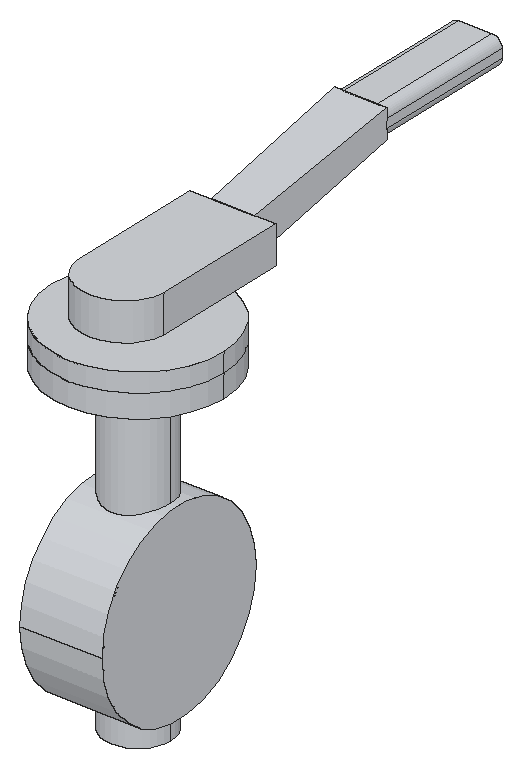
Revit family "HS497-67_disk-litina-s pákou DN050-RFA_2019", category Pipe Accessories, Revit 2019
Family settings
  Round Connector Dimension = Use Diameter
  Part Type = Valve - Breaks Into
  Work Plane-Based = No
  Always vertical = Yes
  Cut with Voids When Loaded = No
  Shared = No
Parameters (values of type "HS 497-67_DN050_PN16_s pákou")
  magiProductId = "dabc632061f94877a994b9b4e68112"
  magiProductFamilyId = "53cea81e6f374d17b8841d9c72ad77"
  magiPartTypeId = 305
  isMeasuringValve [instance] = no
  ang2D [instance] = 0.00°
  X11 = 61.456 mm
  X1 = 25.456 mm
  W2D = 1000 mm
  VersionID = "2.0/2017.9.26.1/ZETKAMA_497_001"
  Use Minimum Symbol Size [instance] = yes
  URL = "http://www.hydronix.cz"
  Type Comments = "mezipřírubová; litinový disk; PN16; -10~+110°C (krátkodobě +120°C)"
  SW30 = no
  SW3 = no
  SW21 = no
  SW20 = yes
  SW2 = yes
  SW1 = no
  R = 25 mm
  QmdConnectorList = "301;D;302;D"
  Productdata [instance] = ""
  NC = 50 mm
  Model = ""
  Manufacturer = "Hydronix"  # constant formula
  MM20 = 25.456 mm
  MC Product Code = "120 050 (litinový disk, s pákou; DN50; PN16, kvs98)"
  M41 = 66 mm
  M4 = 44 mm
  LHL = 220 mm
  LHH3 = 2.45 mm
  LHH1 = 46.55 mm
  LH1 = 73.333 mm
  L4R__ve = -L4R  # -12.8 mm
  L4R = 12.8 mm
  L42__ve = -L42  # -96 mm
  L42 = 96 mm
  L41__ve = -L41  # -19.2 mm
  L41 = 19.2 mm
  L2D_Min = 3048 mm
  L2D = 216 mm
  L2 = 21.5 mm
  L1 = 34.4 mm
  L = 43 mm
  H = 30 mm
  G22 = 11.25 mm
  G2 = 22.5 mm
  G1 = 90 mm
  G = 90 mm
  F = 11 mm
  E44 = 31.25 mm
  E42 = 62.5 mm
  E4 = 125 mm
  E23 = 4.9 mm
  E22 = 19.6 mm
  E21 = 9.8 mm
  Description = "Mezipřírubová uzavírací klapka s pákou; litinový disk, DN50; PN16; kvs98"
  DR2 = 25 mm
  DR = 100 mm
  DD1 = 15.625 mm
  DD = 12.5 mm
  D = 50 mm
  CAT0 = yes
  B2__ve = -B2  # -36.5 mm
  B2 = 36.5 mm
  A2 = 12 mm
  A1 = 83 mm
Types (43, lengths in mm): name | magiProductId | X11 | X1 | Type Comments | SW30 | SW3 | SW20 | SW2 | SW1 | R | NC | MM20 | MC Product Code | M41 | M4 | LHL | LHH3 | LHH1 | LH1 | L4R__ve | L4R | L42__ve | L42 | L41__ve | L41 | L2 | L1 | L | H | G | F | E44 | E42 | E4 | E23 | E22 | E21 | Description | DR2 | DR | DD1 | DD | D | B2__ve | B2 | A2 | A1
  HS 497-67_DN100_PN16_volné vřeteno | "65d1b245f4f142c78569c0602d5754" | 61.456 | 25.456 | "mezipřírubová; litinový disk; PN16; -10~+110°C (krátkodobě +120°C)" | no | no | no | no | yes | 50 | 50 | 25.456 | "123 100 (litinový disk, s volným vřetenem; DN100; PN16, kvs512)" | 66 | 44 | 220 | 2.45 | 46.55 | 73.333 | -12.8 | 12.8 | -96 | 96 | -19.2 | 19.2 | 26 | 41.6 | 52 | 30 | 90 | 11 | 31.25 | 62.5 | 125 | 4.9 | 19.6 | 9.8 | "Mezipřírubová uzavírací klapka s volným vřetenem; litinový disk, DN100; PN16; kvs512" | 50 | 147 | 15.625 | 12.5 | 100 | -56 | 56 | 16.5 | 98.5
  HS 497-67_DN100_PN16_převodové kolo | "11e91b807e674d428c8e796fcdcfe2" | 61.456 | 25.456 | "mezipřírubová; litinový disk; PN16; -10~+110°C (krátkodobě +120°C)" | yes | yes | no | no | no | 50 | 50 | 25.456 | "125 100 (litinový disk, s převodovým kolem; DN100; PN16, kvs512)" | 65.25 | 43.5 | 220 | 2.45 | 46.55 | 73.333 | -12.8 | 12.8 | -96 | 96 | -19.2 | 19.2 | 26 | 41.6 | 52 | 30 | 90 | 11 | 31.25 | 62.5 | 125 | 4.9 | 19.6 | 9.8 | "Mezipřírubová uzavírací klapka s převodovým kolem; litinový disk, DN100; PN16; kvs512" | 50 | 147 | 15.625 | 12.5 | 100 | -56 | 56 | 16.5 | 98.5
  HS 497-67_DN100_PN16_s pákou | "28172f0b3f4b47b28323ac71cf8749" | 61.456 | 25.456 | "mezipřírubová; litinový disk; PN16; -10~+110°C (krátkodobě +120°C)" | no | no | yes | yes | no | 50 | 50 | 25.456 | "120 100 (litinový disk, s pákou; DN100; PN16, kvs512)" | 66 | 44 | 260 | 3 | 57 | 86.667 | -12.8 | 12.8 | -96 | 96 | -19.2 | 19.2 | 26 | 41.6 | 52 | 30 | 90 | 11 | 31.25 | 62.5 | 125 | 6 | 24 | 12 | "Mezipřírubová uzavírací klapka s pákou; litinový disk, DN100; PN16; kvs512" | 50 | 147 | 15.625 | 12.5 | 100 | -56 | 56 | 16.5 | 98.5
  HS 497-67_DN125_PN16_volné vřeteno | "0d813d910fc14f628bb3c2efbd185c" | 61.456 | 25.456 | "mezipřírubová; litinový disk; PN16; -10~+110°C (krátkodobě +120°C)" | no | no | no | no | yes | 62.5 | 50 | 25.456 | "123 125 (litinový disk, s volným vřetenem; DN125; PN16, kvs872)" | 66 | 44 | 220 | 2.45 | 46.55 | 73.333 | -12.8 | 12.8 | -96 | 96 | -19.2 | 19.2 | 28 | 44.8 | 56 | 33 | 90 | 14 | 31.25 | 62.5 | 125 | 4.9 | 19.6 | 9.8 | "Mezipřírubová uzavírací klapka s volným vřetenem; litinový disk, DN125; PN16; kvs872" | 62.5 | 180 | 15.625 | 12.5 | 125 | -64 | 64 | 18 | 99.5
  HS 497-67_DN125_PN16_převodové kolo | "c56b7c13f372467684996fb1e0e229" | 61.456 | 25.456 | "mezipřírubová; litinový disk; PN16; -10~+110°C (krátkodobě +120°C)" | yes | yes | no | no | no | 62.5 | 50 | 25.456 | "125 125 (litinový disk, s převodovým kolem; DN125; PN16, kvs872)" | 65.25 | 43.5 | 220 | 2.45 | 46.55 | 73.333 | -13.5 | 13.5 | -101.25 | 101.25 | -20.25 | 20.25 | 28 | 44.8 | 56 | 33 | 90 | 14 | 40 | 80 | 160 | 4.9 | 19.6 | 9.8 | "Mezipřírubová uzavírací klapka s převodovým kolem; litinový disk, DN125; PN16; kvs872" | 62.5 | 180 | 20 | 16 | 125 | -64 | 64 | 18 | 99.5
  HS 497-67_DN125_PN16_s pákou | "105993c79a91492399feef7931321a" | 61.456 | 25.456 | "mezipřírubová; litinový disk; PN16; -10~+110°C (krátkodobě +120°C)" | no | no | yes | yes | no | 62.5 | 50 | 25.456 | "120 125 (litinový disk, s pákou; DN125; PN16, kvs872)" | 66 | 44 | 315 | 3.75 | 71.25 | 105 | -12.8 | 12.8 | -96 | 96 | -19.2 | 19.2 | 28 | 44.8 | 56 | 33 | 90 | 14 | 31.25 | 62.5 | 125 | 7.5 | 30 | 15 | "Mezipřírubová uzavírací klapka s pákou; litinový disk, DN125; PN16; kvs872" | 62.5 | 180 | 15.625 | 12.5 | 125 | -64 | 64 | 18 | 99.5
  HS 497-67_DN150_PN16_volné vřeteno | "50c80cb8ab434f55ab7796e5ac1331" | 61.456 | 25.456 | "mezipřírubová; litinový disk; PN16; -10~+110°C (krátkodobě +120°C)" | no | no | no | no | yes | 75 | 50 | 25.456 | "123 150 (litinový disk, s volným vřetenem; DN150; PN16, kvs1347)" | 66 | 44 | 220 | 2.45 | 46.55 | 73.333 | -12.8 | 12.8 | -96 | 96 | -19.2 | 19.2 | 28 | 44.8 | 56 | 33 | 90 | 14 | 31.25 | 62.5 | 125 | 4.9 | 19.6 | 9.8 | "Mezipřírubová uzavírací klapka s volným vřetenem; litinový disk, DN150; PN16; kvs1347" | 75 | 206 | 15.625 | 12.5 | 150 | -58 | 58 | 19.3 | 98.7
  HS 497-67_DN150_PN16_převodové kolo | "d94a1a0cf83b476eb10011b327f709" | 61.456 | 25.456 | "mezipřírubová; litinový disk; PN16; -10~+110°C (krátkodobě +120°C)" | yes | yes | no | no | no | 75 | 50 | 25.456 | "125 150 (litinový disk, s převodovým kolem; DN150; PN16, kvs1347)" | 65.25 | 43.5 | 220 | 2.45 | 46.55 | 73.333 | -13.5 | 13.5 | -101.25 | 101.25 | -20.25 | 20.25 | 28 | 44.8 | 56 | 33 | 90 | 14 | 40 | 80 | 160 | 4.9 | 19.6 | 9.8 | "Mezipřírubová uzavírací klapka s převodovým kolem; litinový disk, DN150; PN16; kvs1347" | 75 | 206 | 20 | 16 | 150 | -58 | 58 | 19.3 | 98.7
  HS 497-67_DN150_PN16_s pákou | "4d2835523fe84828bc50ff0a5a0dfb" | 61.456 | 25.456 | "mezipřírubová; litinový disk; PN16; -10~+110°C (krátkodobě +120°C)" | no | no | yes | yes | no | 75 | 50 | 25.456 | "120 150 (litinový disk, s pákou; DN150; PN16, kvs1347)" | 66 | 44 | 315 | 3.75 | 71.25 | 105 | -12.8 | 12.8 | -96 | 96 | -19.2 | 19.2 | 28 | 44.8 | 56 | 33 | 90 | 14 | 31.25 | 62.5 | 125 | 7.5 | 30 | 15 | "Mezipřírubová uzavírací klapka s pákou; litinový disk, DN150; PN16; kvs1347" | 75 | 206 | 15.625 | 12.5 | 150 | -58 | 58 | 19.3 | 98.7
  HS 497-67_DN200_PN16_volné vřeteno | "5b29029eaeba47139ee1055a4b9201" | 61.456 | 25.456 | "mezipřírubová; litinový disk; PN16; -10~+110°C (krátkodobě +120°C)" | no | no | no | no | yes | 100 | 50 | 25.456 | "123 200 (litinový disk, s volným vřetenem; DN200; PN16, kvs2675)" | 66 | 44 | 220 | 2.45 | 46.55 | 73.333 | -12.8 | 12.8 | -96 | 96 | -19.2 | 19.2 | 30 | 48 | 60 | 33 | 90 | 17 | 31.25 | 62.5 | 125 | 4.9 | 19.6 | 9.8 | "Mezipřírubová uzavírací klapka s volným vřetenem; litinový disk, DN200; PN16; kvs2675" | 100 | 257 | 15.625 | 12.5 | 200 | -70 | 70 | 22.5 | 102.5
  HS 497-67_DN200_PN16_převodové kolo | "b2793cc1fcc44cf2a35062cd67c04f" | 61.456 | 25.456 | "mezipřírubová; litinový disk; PN16; -10~+110°C (krátkodobě +120°C)" | yes | yes | no | no | no | 100 | 57 | 25.456 | "125 200 (litinový disk, s převodovým kolem; DN200; PN16, kvs2675)" | 78.75 | 52.5 | 220 | 2.45 | 46.55 | 73.333 | -15.2 | 15.2 | -114 | 114 | -22.8 | 22.8 | 30 | 48 | 60 | 33 | 90 | 17 | 50 | 100 | 200 | 4.9 | 19.6 | 9.8 | "Mezipřírubová uzavírací klapka s převodovým kolem; litinový disk, DN200; PN16; kvs2675" | 100 | 257 | 25 | 20 | 200 | -70 | 70 | 22.5 | 102.5
  HS 497-67_DN200_PN16_s pákou | "f88d96c7af224537a51e72d7d8fffe" | 61.456 | 25.456 | "mezipřírubová; litinový disk; PN16; -10~+110°C (krátkodobě +120°C)" | no | no | yes | yes | no | 100 | 50 | 25.456 | "120 200 (litinový disk, s pákou; DN200; PN16, kvs2675)" | 66 | 44 | 315 | 3.75 | 71.25 | 105 | -12.8 | 12.8 | -96 | 96 | -19.2 | 19.2 | 30 | 48 | 60 | 33 | 90 | 17 | 31.25 | 62.5 | 125 | 7.5 | 30 | 15 | "Mezipřírubová uzavírací klapka s pákou; litinový disk, DN200; PN16; kvs2675" | 100 | 257 | 15.625 | 12.5 | 200 | -70 | 70 | 22.5 | 102.5
  HS 497-67_DN250_PN16_volné vřeteno | "b662e8305ca2402b9c510e66e6aa55" | 88.77 | 36.77 | "mezipřírubová; litinový disk; PN16; -10~+110°C (krátkodobě +120°C)" | no | no | no | no | yes | 125 | 50 | 36.77 | "123 250 (litinový disk, s volným vřetenem; DN250; PN16, kvs4555)" | 66 | 44 | 220 | 2.45 | 46.55 | 73.333 | -12.8 | 12.8 | -96 | 96 | -19.2 | 19.2 | 34 | 54.4 | 68 | 23 | 130 | 22 | 31.25 | 62.5 | 125 | 4.9 | 19.6 | 9.8 | "Mezipřírubová uzavírací klapka s volným vřetenem; litinový disk, DN250; PN16; kvs4555" | 125 | 324 | 15.625 | 12.5 | 250 | -85 | 85 | 28.25 | 129.25
  HS 497-67_DN250_PN16_převodové kolo | "5ee9016806664ddfaa2632711f295c" | 88.77 | 36.77 | "mezipřírubová; litinový disk; PN16; -10~+110°C (krátkodobě +120°C)" | yes | yes | no | no | no | 125 | 70 | 36.77 | "125 250 (litinový disk, s převodovým kolem; DN250; PN16, kvs4555)" | 91.5 | 61 | 220 | 2.45 | 46.55 | 73.333 | -22.2 | 22.2 | -166.5 | 166.5 | -33.3 | 33.3 | 34 | 54.4 | 68 | 23 | 130 | 22 | 62.5 | 125 | 250 | 4.9 | 19.6 | 9.8 | "Mezipřírubová uzavírací klapka s převodovým kolem; litinový disk, DN250; PN16; kvs4555" | 125 | 324 | 31.25 | 25 | 250 | -85 | 85 | 28.25 | 129.25
  HS 497-67_DN300_PN16_volné vřeteno | "e1886f51ff004380a649519258edf2" | 88.77 | 36.77 | "mezipřírubová; litinový disk; PN16; -10~+110°C (krátkodobě +120°C)" | no | no | no | no | yes | 150 | 50 | 36.77 | "123 300 (litinový disk, s volným vřetenem; DN300; PN16, kvs7037)" | 66 | 44 | 220 | 2.45 | 46.55 | 73.333 | -12.8 | 12.8 | -96 | 96 | -19.2 | 19.2 | 39 | 62.4 | 78 | 23 | 130 | 22 | 31.25 | 62.5 | 125 | 4.9 | 19.6 | 9.8 | "Mezipřírubová uzavírací klapka s volným vřetenem; litinový disk, DN300; PN16; kvs7037" | 150 | 376 | 15.625 | 12.5 | 300 | -90 | 90 | 30.8 | 127.2
  HS 497-67_DN300_PN16_převodové kolo | "6860f094f77d42088fbebc3c97f755" | 88.77 | 36.77 | "mezipřírubová; litinový disk; PN16; -10~+110°C (krátkodobě +120°C)" | yes | yes | no | no | no | 150 | 70 | 36.77 | "125 300 (litinový disk, s převodovým kolem; DN300; PN16, kvs7037)" | 91.5 | 61 | 220 | 2.45 | 46.55 | 73.333 | -22.2 | 22.2 | -166.5 | 166.5 | -33.3 | 33.3 | 39 | 62.4 | 78 | 23 | 130 | 22 | 62.5 | 125 | 250 | 4.9 | 19.6 | 9.8 | "Mezipřírubová uzavírací klapka s převodovým kolem; litinový disk, DN300; PN16; kvs7037" | 150 | 376 | 31.25 | 25 | 300 | -90 | 90 | 30.8 | 127.2
  HS 497-67_DN032_PN16_volné vřeteno | "8c5f65de52aa4067a77564107e31b2" | 61.456 | 25.456 | "mezipřírubová; litinový disk; PN16; -10~+110°C (krátkodobě +120°C)" | no | no | no | no | yes | 16 | 50 | 25.456 | "123 032 (litinový disk, s volným vřetenem; DN32; PN16, kvs78)" | 66 | 44 | 220 | 2.45 | 46.55 | 73.333 | -12.8 | 12.8 | -96 | 96 | -19.2 | 19.2 | 16.5 | 26.4 | 33 | 30 | 90 | 11 | 31.25 | 62.5 | 125 | 4.9 | 19.6 | 9.8 | "Mezipřírubová uzavírací klapka s volným vřetenem; litinový disk, DN32; PN16; kvs78" | 16 | 68 | 15.625 | 12.5 | 32 | -44.2 | 44.2 | 10.25 | 76.25
  HS 497-67_DN032_PN16_převodové kolo | "60aaeffa8b3a4e809ef000e4660060" | 61.456 | 25.456 | "mezipřírubová; litinový disk; PN16; -10~+110°C (krátkodobě +120°C)" | yes | yes | no | no | no | 16 | 50 | 25.456 | "125 032 (litinový disk, s převodovým kolem; DN32; PN16, kvs78)" | 65.25 | 43.5 | 220 | 2.45 | 46.55 | 73.333 | -12.8 | 12.8 | -96 | 96 | -19.2 | 19.2 | 16.5 | 26.4 | 33 | 30 | 90 | 11 | 31.25 | 62.5 | 125 | 4.9 | 19.6 | 9.8 | "Mezipřírubová uzavírací klapka s převodovým kolem; litinový disk, DN32; PN16; kvs78" | 16 | 68 | 15.625 | 12.5 | 32 | -44.2 | 44.2 | 10.25 | 76.25
  HS 497-67_DN032_PN16_s pákou | "9ad8088d610749a1b871aa2aad8007" | 61.456 | 25.456 | "mezipřírubová; litinový disk; PN16; -10~+110°C (krátkodobě +120°C)" | no | no | yes | yes | no | 16 | 50 | 25.456 | "120 032 (litinový disk, s pákou; DN32; PN16, kvs78)" | 66 | 44 | 220 | 2.45 | 46.55 | 73.333 | -12.8 | 12.8 | -96 | 96 | -19.2 | 19.2 | 16.5 | 26.4 | 33 | 30 | 90 | 11 | 31.25 | 62.5 | 125 | 4.9 | 19.6 | 9.8 | "Mezipřírubová uzavírací klapka s pákou; litinový disk, DN32; PN16; kvs78" | 16 | 68 | 15.625 | 12.5 | 32 | -44.2 | 44.2 | 10.25 | 76.25
  HS 497-67_DN350_PN10_volné vřeteno | "72a1e05f22944421b7e9596a877137" | 109.255 | 45.255 | "mezipřírubová; litinový disk; PN10; -10~+110°C (krátkodobě +120°C)" | no | no | no | no | yes | 175 | 50 | 45.255 | "123 350 (litinový disk, s volným vřetenem; DN350; PN10, kvs10165)" | 66 | 44 | 220 | 2.45 | 46.55 | 73.333 | -12.8 | 12.8 | -96 | 96 | -19.2 | 19.2 | 39 | 62.4 | 78 | 31 | 160 | 22 | 31.25 | 62.5 | 125 | 4.9 | 19.6 | 9.8 | "Mezipřírubová uzavírací klapka s volným vřetenem; litinový disk, DN350; PN10; kvs10165" | 175 | 430 | 15.625 | 12.5 | 350 | -88 | 88 | 33.85 | 129.65
  HS 497-67_DN350_PN10_převodové kolo | "a5a01426cb28494ba3afca92f1dace" | 109.255 | 45.255 | "mezipřírubová; litinový disk; PN10; -10~+110°C (krátkodobě +120°C)" | yes | yes | no | no | no | 175 | 70 | 45.255 | "125 350 (litinový disk, s převodovým kolem; DN350; PN10, kvs10165)" | 91.5 | 61 | 220 | 2.45 | 46.55 | 73.333 | -22.2 | 22.2 | -166.5 | 166.5 | -33.3 | 33.3 | 39 | 62.4 | 78 | 31 | 160 | 22 | 62.5 | 125 | 250 | 4.9 | 19.6 | 9.8 | "Mezipřírubová uzavírací klapka s převodovým kolem; litinový disk, DN350; PN10; kvs10165" | 175 | 430 | 31.25 | 25 | 350 | -88 | 88 | 33.85 | 129.65
  HS 497-67_DN400_PN10_volné vřeteno | "c70ebeb927c04ab99b176e257ad0a7" | 109.255 | 45.255 | "mezipřírubová; litinový disk; PN10; -10~+110°C (krátkodobě +120°C)" | no | no | no | no | yes | 200 | 50 | 45.255 | "123 400 (litinový disk, s volným vřetenem; DN400; PN10, kvs13799)" | 66 | 44 | 220 | 2.45 | 46.55 | 73.333 | -12.8 | 12.8 | -96 | 96 | -19.2 | 19.2 | 51 | 81.6 | 102 | 31 | 160 | 27 | 31.25 | 62.5 | 125 | 4.9 | 19.6 | 9.8 | "Mezipřírubová uzavírací klapka s volným vřetenem; litinový disk, DN400; PN10; kvs13799" | 200 | 485 | 15.625 | 12.5 | 400 | -108 | 108 | 38 | 142
  HS 497-67_DN400_PN10_převodové kolo | "cc64a4384dcb41b780d81810f4f293" | 109.255 | 45.255 | "mezipřírubová; litinový disk; PN10; -10~+110°C (krátkodobě +120°C)" | yes | yes | no | no | no | 200 | 72.5 | 45.255 | "125 400 (litinový disk, s převodovým kolem; DN400; PN10, kvs13799)" | 103.5 | 69 | 220 | 2.45 | 46.55 | 73.333 | -27.8 | 27.8 | -208.5 | 208.5 | -41.7 | 41.7 | 51 | 81.6 | 102 | 31 | 160 | 27 | 75 | 150 | 300 | 4.9 | 19.6 | 9.8 | "Mezipřírubová uzavírací klapka s převodovým kolem; litinový disk, DN400; PN10; kvs13799" | 200 | 485 | 37.5 | 30 | 400 | -108 | 108 | 38 | 142
  HS 497-67_DN040_PN16_volné vřeteno | "35f92312390745e88df5b5c325d9ee" | 61.456 | 25.456 | "mezipřírubová; litinový disk; PN16; -10~+110°C (krátkodobě +120°C)" | no | no | no | no | yes | 20 | 50 | 25.456 | "123 040 (litinový disk, s volným vřetenem; DN40; PN16, kvs78)" | 66 | 44 | 220 | 2.45 | 46.55 | 73.333 | -12.8 | 12.8 | -96 | 96 | -19.2 | 19.2 | 16.5 | 26.4 | 33 | 30 | 90 | 11 | 31.25 | 62.5 | 125 | 4.9 | 19.6 | 9.8 | "Mezipřírubová uzavírací klapka s volným vřetenem; litinový disk, DN40; PN16; kvs78" | 20 | 76 | 15.625 | 12.5 | 40 | -36 | 36 | 11 | 79
  HS 497-67_DN040_PN16_převodové kolo | "d88e968eae3445bc9b7b4e6ff35127" | 61.456 | 25.456 | "mezipřírubová; litinový disk; PN16; -10~+110°C (krátkodobě +120°C)" | yes | yes | no | no | no | 20 | 50 | 25.456 | "125 040 (litinový disk, s převodovým kolem; DN40; PN16, kvs78)" | 65.25 | 43.5 | 220 | 2.45 | 46.55 | 73.333 | -12.8 | 12.8 | -96 | 96 | -19.2 | 19.2 | 16.5 | 26.4 | 33 | 30 | 90 | 11 | 31.25 | 62.5 | 125 | 4.9 | 19.6 | 9.8 | "Mezipřírubová uzavírací klapka s převodovým kolem; litinový disk, DN40; PN16; kvs78" | 20 | 76 | 15.625 | 12.5 | 40 | -36 | 36 | 11 | 79
  HS 497-67_DN040_PN16_s pákou | "c1b522ca65b4407a98818f232eaacb" | 61.456 | 25.456 | "mezipřírubová; litinový disk; PN16; -10~+110°C (krátkodobě +120°C)" | no | no | yes | yes | no | 20 | 50 | 25.456 | "120 040 (litinový disk, s pákou; DN40; PN16, kvs78)" | 66 | 44 | 220 | 2.45 | 46.55 | 73.333 | -12.8 | 12.8 | -96 | 96 | -19.2 | 19.2 | 16.5 | 26.4 | 33 | 30 | 90 | 11 | 31.25 | 62.5 | 125 | 4.9 | 19.6 | 9.8 | "Mezipřírubová uzavírací klapka s pákou; litinový disk, DN40; PN16; kvs78" | 20 | 76 | 15.625 | 12.5 | 40 | -36 | 36 | 11 | 79
  HS 497-67_DN450_PN10_volné vřeteno | "a8358bc282f14872b3194e530e590a" | 129.74 | 53.74 | "mezipřírubová; litinový disk; PN10; -10~+110°C (krátkodobě +120°C)" | no | no | no | no | yes | 225 | 50 | 53.74 | "123 450 (litinový disk, s volným vřetenem; DN450; PN10, kvs18514)" | 66 | 44 | 220 | 2.45 | 46.55 | 73.333 | -12.8 | 12.8 | -96 | 96 | -19.2 | 19.2 | 57 | 91.2 | 114 | 38 | 190 | 36 | 31.25 | 62.5 | 125 | 4.9 | 19.6 | 9.8 | "Mezipřírubová uzavírací klapka s volným vřetenem; litinový disk, DN450; PN10; kvs18514" | 225 | 536 | 15.625 | 12.5 | 450 | -115 | 115 | 38.05 | 117.45
  HS 497-67_DN450_PN10_převodové kolo | "cdf2d80f54a9414f9cbe50647c0ebd" | 129.74 | 53.74 | "mezipřírubová; litinový disk; PN10; -10~+110°C (krátkodobě +120°C)" | yes | yes | no | no | no | 225 | 91.5 | 53.74 | "125 450 (litinový disk, s převodovým kolem; DN450; PN10, kvs18514)" | 144.75 | 96.5 | 220 | 2.45 | 46.55 | 73.333 | -32.1 | 32.1 | -240.75 | 240.75 | -48.15 | 48.15 | 57 | 91.2 | 114 | 38 | 190 | 36 | 100 | 200 | 400 | 4.9 | 19.6 | 9.8 | "Mezipřírubová uzavírací klapka s převodovým kolem; litinový disk, DN450; PN10; kvs18514" | 225 | 536 | 50 | 40 | 450 | -115 | 115 | 38.05 | 117.45
  HS 497-67_DN500_PN10_volné vřeteno | "8c396e27bb2743f98f3c762b6517cd" | 143.397 | 59.397 | "mezipřírubová; litinový disk; PN10; -10~+110°C (krátkodobě +120°C)" | no | no | no | no | yes | 250 | 50 | 59.397 | "123 500 (litinový disk, s volným vřetenem; DN500; PN10, kvs23805)" | 66 | 44 | 220 | 2.45 | 46.55 | 73.333 | -12.8 | 12.8 | -96 | 96 | -19.2 | 19.2 | 63.5 | 101.6 | 127 | 38 | 210 | 36 | 31.25 | 62.5 | 125 | 4.9 | 19.6 | 9.8 | "Mezipřírubová uzavírací klapka s volným vřetenem; litinový disk, DN500; PN10; kvs23805" | 250 | 593 | 15.625 | 12.5 | 500 | -130 | 130 | 43.25 | 139.25
  HS 497-67_DN500_PN10_převodové kolo | "7647804f32e94cef828a7034a91a46" | 143.397 | 59.397 | "mezipřírubová; litinový disk; PN10; -10~+110°C (krátkodobě +120°C)" | yes | yes | no | no | no | 250 | 91.5 | 59.397 | "125 500 (litinový disk, s převodovým kolem; DN500; PN10, kvs23805)" | 144.75 | 96.5 | 220 | 2.45 | 46.55 | 73.333 | -32.1 | 32.1 | -240.75 | 240.75 | -48.15 | 48.15 | 63.5 | 101.6 | 127 | 38 | 210 | 36 | 100 | 200 | 400 | 4.9 | 19.6 | 9.8 | "Mezipřírubová uzavírací klapka s převodovým kolem; litinový disk, DN500; PN10; kvs23805" | 250 | 593 | 50 | 40 | 500 | -130 | 130 | 43.25 | 139.25
  HS 497-67_DN050_PN16_volné vřeteno | "d71f296ecd6d4adf8f6e5d9853b4e0" | 61.456 | 25.456 | "mezipřírubová; litinový disk; PN16; -10~+110°C (krátkodobě +120°C)" | no | no | no | no | yes | 25 | 50 | 25.456 | "123 050 (litinový disk, s volným vřetenem; DN50; PN16, kvs98)" | 66 | 44 | 220 | 2.45 | 46.55 | 73.333 | -12.8 | 12.8 | -96 | 96 | -19.2 | 19.2 | 21.5 | 34.4 | 43 | 30 | 90 | 11 | 31.25 | 62.5 | 125 | 4.9 | 19.6 | 9.8 | "Mezipřírubová uzavírací klapka s volným vřetenem; litinový disk, DN50; PN16; kvs98" | 25 | 100 | 15.625 | 12.5 | 50 | -36.5 | 36.5 | 12 | 83
  HS 497-67_DN050_PN16_převodové kolo | "2fb080deeaed49c58418b94c1da5a4" | 61.456 | 25.456 | "mezipřírubová; litinový disk; PN16; -10~+110°C (krátkodobě +120°C)" | yes | yes | no | no | no | 25 | 50 | 25.456 | "125 050 (litinový disk, s převodovým kolem; DN50; PN16, kvs98)" | 65.25 | 43.5 | 220 | 2.45 | 46.55 | 73.333 | -12.8 | 12.8 | -96 | 96 | -19.2 | 19.2 | 21.5 | 34.4 | 43 | 30 | 90 | 11 | 31.25 | 62.5 | 125 | 4.9 | 19.6 | 9.8 | "Mezipřírubová uzavírací klapka s převodovým kolem; litinový disk, DN50; PN16; kvs98" | 25 | 100 | 15.625 | 12.5 | 50 | -36.5 | 36.5 | 12 | 83
  HS 497-67_DN050_PN16_s pákou | "dabc632061f94877a994b9b4e68112" | 61.456 | 25.456 | "mezipřírubová; litinový disk; PN16; -10~+110°C (krátkodobě +120°C)" | no | no | yes | yes | no | 25 | 50 | 25.456 | "120 050 (litinový disk, s pákou; DN50; PN16, kvs98)" | 66 | 44 | 220 | 2.45 | 46.55 | 73.333 | -12.8 | 12.8 | -96 | 96 | -19.2 | 19.2 | 21.5 | 34.4 | 43 | 30 | 90 | 11 | 31.25 | 62.5 | 125 | 4.9 | 19.6 | 9.8 | "Mezipřírubová uzavírací klapka s pákou; litinový disk, DN50; PN16; kvs98" | 25 | 100 | 15.625 | 12.5 | 50 | -36.5 | 36.5 | 12 | 83
  HS 497-67_DN600_PN10_volné vřeteno | "99d5892c14664fce81a7c5903f7711" | 143.397 | 59.397 | "mezipřírubová; litinový disk; PN10; -10~+110°C (krátkodobě +120°C)" | no | no | no | no | yes | 300 | 50 | 59.397 | "123 600 (litinový disk, s volným vřetenem; DN600; PN10, kvs36778)" | 66 | 44 | 220 | 2.45 | 46.55 | 73.333 | -12.8 | 12.8 | -96 | 96 | -19.2 | 19.2 | 77 | 123.2 | 154 | 80 | 210 | 60 | 31.25 | 62.5 | 125 | 4.9 | 19.6 | 9.8 | "Mezipřírubová uzavírací klapka s volným vřetenem; litinový disk, DN600; PN10; kvs36788" | 300 | 690 | 15.625 | 12.5 | 600 | -140 | 140 | 49.4 | 144.6
  HS 497-67_DN600_PN10_převodové kolo | "b1e26faab48a4c499f6bb11e7e3002" | 143.397 | 59.397 | "mezipřírubová; litinový disk; PN10; -10~+110°C (krátkodobě +120°C)" | yes | yes | no | no | no | 300 | 140 | 59.397 | "125 600 (litinový disk, s převodovým kolem; DN600; PN10, kvs36778)" | 206.25 | 137.5 | 220 | 2.45 | 46.55 | 73.333 | -40.8 | 40.8 | -306 | 306 | -61.2 | 61.2 | 77 | 123.2 | 154 | 80 | 210 | 60 | 125 | 250 | 500 | 4.9 | 19.6 | 9.8 | "Mezipřírubová uzavírací klapka s převodovým kolem; litinový disk, DN600; PN10; kvs36788" | 300 | 690 | 62.5 | 50 | 600 | -140 | 140 | 49.4 | 144.6
  HS 497-67_DN065_PN16_volné vřeteno | "5e5e208646e34ec29f889baab5d08e" | 61.456 | 25.456 | "mezipřírubová; litinový disk; PN16; -10~+110°C (krátkodobě +120°C)" | no | no | no | no | yes | 32.5 | 50 | 25.456 | "123 065 (litinový disk, s volným vřetenem; DN65; PN16, kvs167)" | 66 | 44 | 220 | 2.45 | 46.55 | 73.333 | -12.8 | 12.8 | -96 | 96 | -19.2 | 19.2 | 23 | 36.8 | 46 | 30 | 90 | 11 | 31.25 | 62.5 | 125 | 4.9 | 19.6 | 9.8 | "Mezipřírubová uzavírací klapka s volným vřetenem; litinový disk, DN65; PN16; kv167" | 32.5 | 108 | 15.625 | 12.5 | 65 | -36.5 | 36.5 | 13.5 | 89
  HS 497-67_DN065_PN16_převodové kolo | "654d74c8d15540b0bfe523d988ccb3" | 61.456 | 25.456 | "mezipřírubová; litinový disk; PN16; -10~+110°C (krátkodobě +120°C)" | yes | yes | no | no | no | 32.5 | 50 | 25.456 | "125 065 (litinový disk, s převodovým kolem; DN65; PN16, kvs167)" | 65.25 | 43.5 | 220 | 2.45 | 46.55 | 73.333 | -12.8 | 12.8 | -96 | 96 | -19.2 | 19.2 | 23 | 36.8 | 46 | 30 | 90 | 11 | 31.25 | 62.5 | 125 | 4.9 | 19.6 | 9.8 | "Mezipřírubová uzavírací klapka s převodovým kolem; litinový disk, DN65; PN16; kvs167" | 32.5 | 108 | 15.625 | 12.5 | 65 | -36.5 | 36.5 | 13.5 | 89
  HS 497-67_DN065_PN16_s pákou | "ebeb4b59db0641caaf6d6635ab37b9" | 61.456 | 25.456 | "mezipřírubová; litinový disk; PN16; -10~+110°C (krátkodobě +120°C)" | no | no | yes | yes | no | 32.5 | 50 | 25.456 | "120 065 (litinový disk, s pákou; DN65; PN16, kvs167)" | 66 | 44 | 220 | 2.45 | 46.55 | 73.333 | -12.8 | 12.8 | -96 | 96 | -19.2 | 19.2 | 23 | 36.8 | 46 | 30 | 90 | 11 | 31.25 | 62.5 | 125 | 4.9 | 19.6 | 9.8 | "Mezipřírubová uzavírací klapka s pákou; litinový disk, DN65; PN16; kvs167" | 32.5 | 108 | 15.625 | 12.5 | 65 | -36.5 | 36.5 | 13.5 | 89
  HS 497-67_DN080_PN16_volné vřeteno | "9e85c75c18654e1185a9c48ed6b00e" | 61.456 | 25.456 | "mezipřírubová; litinový disk; PN16; -10~+110°C (krátkodobě +120°C)" | no | no | no | no | yes | 40 | 50 | 25.456 | "123 080 (litinový disk, s volným vřetenem; DN80; PN16, kvs258)" | 66 | 44 | 220 | 2.45 | 46.55 | 73.333 | -12.8 | 12.8 | -96 | 96 | -19.2 | 19.2 | 23 | 36.8 | 46 | 30 | 90 | 11 | 31.25 | 62.5 | 125 | 4.9 | 19.6 | 9.8 | "Mezipřírubová uzavírací klapka s volným vřetenem; litinový disk, DN80; PN16; kvs258" | 40 | 124 | 15.625 | 12.5 | 80 | -54 | 54 | 14.1 | 86.9
  HS 497-67_DN080_PN16_převodové kolo | "5b3c8238c3d041e68c75b199e7ea46" | 61.456 | 25.456 | "mezipřírubová; litinový disk; PN16; -10~+110°C (krátkodobě +120°C)" | yes | yes | no | no | no | 40 | 50 | 25.456 | "125 080 (litinový disk, s převodovým kolem; DN80; PN16, kvs258)" | 65.25 | 43.5 | 220 | 2.45 | 46.55 | 73.333 | -12.8 | 12.8 | -96 | 96 | -19.2 | 19.2 | 23 | 36.8 | 46 | 30 | 90 | 11 | 31.25 | 62.5 | 125 | 4.9 | 19.6 | 9.8 | "Mezipřírubová uzavírací klapka s převodovým kolem; litinový disk, DN80; PN16; kvs258" | 40 | 124 | 15.625 | 12.5 | 80 | -54 | 54 | 14.1 | 86.9
  HS 497-67_DN080_PN16_s pákou | "e414795fab0f4eccb99bc3572c5477" | 61.456 | 25.456 | "mezipřírubová; litinový disk; PN16; -10~+110°C (krátkodobě +120°C)" | no | no | yes | yes | no | 40 | 50 | 25.456 | "120 080 (litinový disk, s pákou; DN80; PN16, kvs258)" | 66 | 44 | 260 | 3 | 57 | 86.667 | -12.8 | 12.8 | -96 | 96 | -19.2 | 19.2 | 23 | 36.8 | 46 | 30 | 90 | 11 | 31.25 | 62.5 | 125 | 6 | 24 | 12 | "Mezipřírubová uzavírací klapka s pákou; litinový disk, DN80; PN16; kvs258" | 40 | 124 | 15.625 | 12.5 | 80 | -54 | 54 | 14.1 | 86.9
  HS 497-67_DN250_PN16_s pákou | "" | 88.77 | 36.77 | "mezipřírubová; litinový disk; PN16; -10~+110°C (krátkodobě +120°C)" | no | no | yes | yes | no | 125 | 70 | 36.77 | "120 250 (litinový disk, s pákou; DN250; PN16, kvs4555)" | 91.5 | 61 | 220 | 2.45 | 46.55 | 73.333 | -22.2 | 22.2 | -166.5 | 166.5 | -33.3 | 33.3 | 34 | 54.4 | 68 | 23 | 130 | 22 | 62.5 | 125 | 250 | 4.9 | 19.6 | 9.8 | "Mezipřírubová uzavírací klapka s pákou; litinový disk, DN250; PN16; kvs4555" | 125 | 324 | 31.25 | 25 | 250 | -85 | 85 | 28.25 | 129.25
  HS 497-67_DN300_PN16_s pákou | "" | 88.77 | 36.77 | "mezipřírubová; litinový disk; PN16; -10~+110°C (krátkodobě +120°C)" | no | no | yes | yes | no | 150 | 70 | 36.77 | "120 300 (litinový disk, s pákou; DN300; PN16, kvs7037)" | 91.5 | 61 | 220 | 2.45 | 46.55 | 73.333 | -22.2 | 22.2 | -166.5 | 166.5 | -33.3 | 33.3 | 39 | 62.4 | 78 | 23 | 130 | 22 | 62.5 | 125 | 250 | 4.9 | 19.6 | 9.8 | "Mezipřírubová uzavírací klapka s pákou; litinový disk, DN300; PN16; kvs7037" | 150 | 376 | 31.25 | 25 | 300 | -90 | 90 | 30.8 | 127.2
Reference planes
  plane 1 "Center (Front/Back)": y = 0
  plane 2 "XYPLANE": z = 0
  plane 3 "Center (Left/Right)": x = 0
  plane 4 "473": x = -25.456
  plane 5 "472": x = -66
  plane 6 "471": y = -25.456
  plane 7 "470": y = 25.456
  plane 8 "469": x = -44
  plane 9 "468": y = -115.2
  plane 10 "467": y = -96
  plane 11 "466": z = 151.25
  plane 12 "465": z = 166.55
  plane 13 "464": y = 145.417
  plane 14 "463": z = 156.75
  plane 15 "462": z = 139.6
  plane 16 "461": z = 149.4
  plane 17 "460": y = 72.083
  plane 18 "459": x = -11.25
  plane 19 "458": x = 11.25
  plane 20 "457": y = -6.25
  plane 21 "456": x = -17.5
  plane 22 "455": x = 17.5
  plane 23 "454": z = 154.3
  plane 24 "453": y = 62.083
  plane 25 "452": y = -11.25
  plane 26 "451": x = -22.5
  plane 27 "450": x = 22.5
  plane 28 "449": z = 134.7
  plane 29 "448": z = 129.8
  plane 30 "447": z = -25
  plane 31 "446": z = 120
  plane 32 "445": z = 108
  plane 33 "444": z = 25
  plane 34 "443": x = 21.5
  plane 35 "442": x = -21.5
  plane 36 "441": z = 0
  plane 37 "440": y = 0
  plane 38 "439": x = 0
  plane 39 "438": z = 169
  plane 40 "437": z = 154.3
  plane 41 "436": x = 13.7
  plane 42 "435": x = -13.7
  plane 43 "434": y = 220
Forms (mm)
  Extrusion 1, solid, visible <- "SW3"
    sketch origin (-750, 0, 120) x (1, 0, 0) y (0, 1, 0)
      loop
        line (684, 25.456) -> (684, -25.456) -> (724.544, -25.456)
        arc (724.544, -25.456) -> (786, 0) -> (724.544, 25.456) r 36
        line (724.544, 25.456) -> (684, 25.456)
    from 0 to 62.5 <- "E42"
  Extrusion 2, solid, visible <- "SW30"
    sketch origin (0, -750, 0) x (0, 1, 0) y (0, 0, 1)
      loop
        circle (750, 151.25) r 7.813
    from 0 to 50 <- "NC"
  Extrusion 3, solid, visible <- "SW30"
    sketch origin (750, -115.2, 0) x (-1, 0, 0) y (0, 0, 1)
      loop
        circle (794, 151.25) r 62.5
    from 0 to -12.8 <- "L4R__ve"
  Extrusion 4, solid, visible <- "SW3"
    sketch origin (750, -96, 0) x (-1, 0, 0) y (0, 0, 1)
      loop
        circle (794, 151.25) r 7.813
    from 0 to -19.2 <- "L41__ve"
  Extrusion 5, solid, visible <- "SW30"
    sketch origin (750, 0, 0) x (-1, 0, 0) y (0, 0, 1)
      loop
        circle (794, 151.25) r 6.25
    from 0 to -96 <- "L42__ve"
  Blend 6, solid, visible <- "SW21"
    base sketch origin (750, 72.083, 0) x (-1, 0, 0) y (0, 0, 1)
      loop
        line (761.25, 149.4) -> (738.75, 149.4) -> (738.75, 139.6) -> (761.25, 139.6) -> (761.25, 149.4)
    top sketch origin (750, 72.083, 0) x (-1, 0, 0) y (0, 0, 1)
      loop
        line (761.25, 166.55) -> (738.75, 166.55) -> (738.75, 156.75) -> (761.25, 156.75) -> (761.25, 166.55)
    from 0 to 73.333
  Blend 7, solid, visible <- "SW21"
    base sketch origin (750, 62.083, 0) x (-1, 0, 0) y (0, 0, 1)
      loop
        line (761.25, 154.3) -> (738.75, 154.3) -> (738.75, 134.7) -> (761.25, 134.7) -> (761.25, 154.3)
    top sketch origin (750, 62.083, 0) x (-1, 0, 0) y (0, 0, 1)
      loop
        line (761.25, 149.4) -> (738.75, 149.4) -> (738.75, 139.6) -> (761.25, 139.6) -> (761.25, 149.4)
    from 0 to 10
  Blend 8, solid, visible <- "SW21"
    base sketch origin (-750, 0, 134.7) x (1, 0, 0) y (0, 1, 0)
      loop
        line (772.5, 62.083) -> (727.5, 62.083) -> (727.5, -11.25)
        arc (727.5, -11.25) -> (750, -31.25) -> (772.5, -11.25) r 22.656
        line (772.5, -11.25) -> (772.5, 62.083)
    top sketch origin (-750, 0, 134.7) x (1, 0, 0) y (0, 1, 0)
      loop
        line (767.5, 62.083) -> (732.5, 62.083) -> (732.5, -6.25)
        arc (732.5, -6.25) -> (750, -26.25) -> (767.5, -6.25) r 17.656
        line (767.5, -6.25) -> (767.5, 62.083)
    from 0 to 19.6
  Extrusion 9, solid, visible <- "SW2"
    sketch origin (-750, 0, 129.8) x (1, 0, 0) y (0, 1, 0)
      loop
        circle (750, 0) r 11.25
    from 0 to 4.9 <- "E23"
  Extrusion 10, solid, visible <- "SW2"
    sketch origin (-750, 0, 120) x (1, 0, 0) y (0, 1, 0)
      loop
        circle (750, 0) r 45
    from 0 to 9.8 <- "E21"
  Extrusion 11, solid, visible <- "CAT0"
    sketch origin (-750, 0, -25) x (1, 0, 0) y (0, 1, 0)
      loop
        circle (750, 0) r 17.2
    from 0 to -36.5 <- "B2__ve"
  Extrusion 12, solid, visible <- "CAT0"
    sketch origin (-750, 0, 108) x (1, 0, 0) y (0, 1, 0)
      loop
        circle (750, 0) r 45
    from 0 to 12 <- "A2"
  Extrusion 13, solid, visible <- "CAT0"
    sketch origin (-750, 0, 25) x (1, 0, 0) y (0, 1, 0)
      loop
        circle (750, 0) r 17.2
    from 0 to 83 <- "A1"
  Extrusion 14, solid, visible <- "CAT0"
    sketch origin (-21.5, -750, 0) x (0, 1, 0) y (0, 0, 1)
      loop
        circle (750, 0) r 50
    from 0 to 43 <- "L"
  Extrusion 15, solid, visible <- "SW1"
    sketch origin (-750, 0, 120) x (1, 0, 0) y (0, 1, 0)
      loop
        line (755.5, 5.5) -> (744.5, 5.5) -> (744.5, -5.5) -> (755.5, -5.5) -> (755.5, 5.5)
    from 0 to 30 <- "H"
  Blend 16, solid, visible <- "SW2"
    base sketch origin (750, 145.417, 0) x (-1, 0, 0) y (0, 0, 1)
      loop
        arc (763.7, 164) -> (762.236, 167.536) -> (758.7, 169) r 5
        line (758.7, 169) -> (741.3, 169)
        arc (741.3, 169) -> (737.764, 167.536) -> (736.3, 164) r 5
        line (736.3, 164) -> (736.3, 159.3)
        arc (736.3, 159.3) -> (737.764, 155.764) -> (741.3, 154.3) r 5
        line (741.3, 154.3) -> (758.7, 154.3)
        arc (758.7, 154.3) -> (762.236, 155.764) -> (763.7, 159.3) r 5
        line (763.7, 159.3) -> (763.7, 164)
    top sketch origin (750, 145.417, 0) x (-1, 0, 0) y (0, 0, 1)
      loop
        arc (763.7, 164) -> (762.236, 167.536) -> (758.7, 169) r 5
        line (758.7, 169) -> (741.3, 169)
        arc (741.3, 169) -> (737.764, 167.536) -> (736.3, 164) r 5
        line (736.3, 164) -> (736.3, 159.3)
        arc (736.3, 159.3) -> (737.764, 155.764) -> (741.3, 154.3) r 5
        line (741.3, 154.3) -> (758.7, 154.3)
        arc (758.7, 154.3) -> (762.236, 155.764) -> (763.7, 159.3) r 5
        line (763.7, 159.3) -> (763.7, 164)
    from 0 to 74.583
  Blend 17, solid, visible <- "SW20"
    base sketch origin (750, 145.417, 0) x (-1, 0, 0) y (0, 0, 1)
      loop
        line (763.7, 169) -> (736.3, 169) -> (736.3, 154.3) -> (763.7, 154.3) -> (763.7, 169)
    top sketch origin (750, 145.417, 0) x (-1, 0, 0) y (0, 0, 1)
      loop
        line (761.25, 154.3) -> (738.75, 154.3) -> (738.75, 134.7) -> (761.25, 134.7) -> (761.25, 154.3)
    from 0 to -83.333
  Extrusion 18, solid, visible <- "SW20"
    sketch origin (-750, 0, 134.7) x (1, 0, 0) y (0, 1, 0)
      loop
        line (772.5, 62.083) -> (727.5, 62.083) -> (727.5, -11.25)
        arc (727.5, -11.25) -> (750, -31.25) -> (772.5, -11.25) r 22.656
        line (772.5, -11.25) -> (772.5, 62.083)
    from 0 to 19.6 <- "E22"
  Extrusion 19, solid, not visible
    sketch origin (-21.5, -750, 0) x (0, 1, 0) y (0, 0, 1)
      loop
        circle (750, 0) r 10
    from 0 to 10
  Extrusion 20, solid, not visible
    sketch origin (21.5, -750, 0) x (0, 1, 0) y (0, 0, 1)
      loop
        circle (750, 0) r 10
    from 0 to -10
Lines and regions (mm)
  reference lines, not visible
    curve 1: circle (2, 2, 0) r 1 normal (0, 0, 1)
  reference lines
    curve 2: line (-25.456, -25.456, 120) -> (-25.456, 25.456, 120)
    curve 3: line (-17.5, -6.25, 134.7) -> (17.5, -6.25, 134.7)
    curve 4: line (-22.5, -11.25, 134.7) -> (22.5, -11.25, 134.7)
    curve 5: circle (0, 0, 120) r 1 normal (0, 0, 1)
    curve 6: line (-22.5, -11.25, 134.7) -> (22.5, -11.25, 134.7)
Dimensions and locks
  plane 1 "Center (Front/Back)" to curve 1 = 2 mm
  "X1": plane 3 "Center (Left/Right)" to plane 4 "473"
  "M41": plane 3 "Center (Left/Right)" to plane 5 "472"
  "MM20": plane 1 "Center (Front/Back)" to plane 6 "471"
  "MM20": plane 1 "Center (Front/Back)" to plane 7 "470"
  "M4": plane 3 "Center (Left/Right)" to plane 8 "469"
  "L41": plane 10 "467" to plane 9 "468"
  "L42": plane 1 "Center (Front/Back)" to plane 10 "467"
  "E44": plane 31 "446" to plane 11 "466"
  "LHH1": plane 31 "446" to plane 12 "465"
  "LH1": plane 17 "460" to plane 13 "464"
  "E21": plane 12 "465" to plane 14 "463"
  "E21": plane 16 "461" to plane 15 "462"
  "E23": plane 23 "454" to plane 16 "461"
  locked: plane 24 "453" to plane 17 "460" at 10
  "G22": plane 3 "Center (Left/Right)" to plane 18 "459"
  "G22": plane 3 "Center (Left/Right)" to plane 19 "458"
  locked: plane 25 "452" to plane 20 "457" at 5
  locked: plane 26 "451" to plane 21 "456" at 5
  locked: plane 27 "450" to plane 22 "455" at 5
  "E22": plane 28 "449" to plane 23 "454"
  "LH1": plane 25 "452" to plane 24 "453"
  "G22": plane 1 "Center (Front/Back)" to plane 25 "452"
  "G2": plane 3 "Center (Left/Right)" to plane 26 "451"
  "G2": plane 3 "Center (Left/Right)" to plane 27 "450"
  "E23": plane 29 "448" to plane 28 "449"
  "E21": plane 31 "446" to plane 29 "448"
  "R": plane 2 "XYPLANE" to plane 30 "447"
  "A2": plane 32 "445" to plane 31 "446"
  "A1": plane 33 "444" to plane 32 "445"
  "DR2": plane 2 "XYPLANE" to plane 33 "444"
  "L2": plane 3 "Center (Left/Right)" to plane 34 "443"
  "L2": plane 3 "Center (Left/Right)" to plane 35 "442"
  locked: plane 2 "XYPLANE" to plane 36 "441"
  locked: plane 1 "Center (Front/Back)" to plane 37 "440"
  locked: plane 3 "Center (Left/Right)" to plane 38 "439"
  "LHH3": plane 12 "465" to plane 39 "438"
  "LHH3": plane 14 "463" to plane 40 "437"
  "LHH3": plane 19 "458" to plane 41 "436"
  "LHH3": plane 18 "459" to plane 42 "435"
  "LHL": plane 1 "Center (Front/Back)" to plane 43 "434"
  "X11": curve 2 to Extrusion 1 sketch curve
  Extrusion 1 sketch curve to Extrusion 1 sketch curve = 0 mm  (x8)
  Blend 6 sketch curve to Blend 6 sketch curve = 0 mm  (x16)
  Blend 7 sketch curve to Blend 7 sketch curve = 0 mm  (x16)
  Blend 8 sketch curve to Blend 8 sketch curve = 0 mm  (x16)
  equal spacing: Extrusion 15 sketch curve, curve 5, Extrusion 15 sketch curve  (x2)
  "F": Extrusion 15 sketch curve to Extrusion 15 sketch curve  (x2)
  Blend 16 sketch curve to Blend 16 sketch curve = 0 mm  (x32)
  Blend 17 sketch curve to Blend 17 sketch curve = 0 mm  (x16)
  Extrusion 18 sketch curve to Extrusion 18 sketch curve = 0 mm  (x8)
  "DD1": diameter of Extrusion 2 sketch curve
  "E4": diameter of Extrusion 3 sketch curve
  "DD1": diameter of Extrusion 4 sketch curve
  "DD": diameter of Extrusion 5 sketch curve
  "G2": diameter of Extrusion 9 sketch curve
  "G1": diameter of Extrusion 10 sketch curve
  "L1": diameter of Extrusion 11 sketch curve
  "G": diameter of Extrusion 12 sketch curve
  "L1": diameter of Extrusion 13 sketch curve
  "DR": diameter of Extrusion 14 sketch curve
  radius of Blend 16 sketch curve = 5 mm  (x8)
  aligned and locked: level to plane 2 "XYPLANE"
  aligned and locked: Extrusion 1 sketch curve to plane 5 "472"
  aligned and locked: plane 7 "470" to Extrusion 1 sketch curve
  aligned and locked: plane 6 "471" to Extrusion 1 sketch curve
  aligned and locked: plane 5 "472" to Extrusion 1 sketch curve
  aligned and locked: plane 4 "473" to Extrusion 1 sketch curve  (x2)
  aligned and locked: plane 4 "473" to curve 2
  aligned and locked: plane 6 "471" to curve 2
  aligned and locked: plane 7 "470" to curve 2
  aligned and locked: Extrusion 1 sketch curve to plane 7 "470"
  aligned and locked: plane 11 "466" to Extrusion 2 sketch curve
  aligned and locked: plane 37 "440" to Extrusion 2 sketch curve
  aligned and locked: plane 8 "469" to Extrusion 3 sketch curve
  aligned and locked: plane 11 "466" to Extrusion 3 sketch curve
  aligned and locked: plane 8 "469" to Extrusion 4 sketch curve
  aligned and locked: plane 11 "466" to Extrusion 4 sketch curve
  aligned and locked: plane 8 "469" to Extrusion 5 sketch curve
  aligned and locked: plane 11 "466" to Extrusion 5 sketch curve
  aligned and locked: plane 12 "465" to Blend 6 sketch curve  (x2)
  aligned and locked: plane 18 "459" to Blend 6 sketch curve  (x4)
  aligned and locked: plane 19 "458" to Blend 6 sketch curve  (x4)
  aligned and locked: plane 14 "463" to Blend 6 sketch curve  (x2)
  aligned and locked: plane 16 "461" to Blend 6 sketch curve  (x2)
  aligned and locked: plane 15 "462" to Blend 6 sketch curve  (x2)
  aligned and locked: plane 13 "464" to Blend 6
  aligned and locked: plane 16 "461" to Blend 7 sketch curve  (x2)
  aligned and locked: plane 18 "459" to Blend 7 sketch curve  (x4)
  aligned and locked: plane 19 "458" to Blend 7 sketch curve  (x4)
  aligned and locked: plane 15 "462" to Blend 7 sketch curve  (x2)
  aligned and locked: plane 23 "454" to Blend 7 sketch curve  (x2)
  aligned and locked: plane 28 "449" to Blend 7 sketch curve  (x2)
  aligned and locked: plane 17 "460" to Blend 7
  aligned and locked: plane 24 "453" to Blend 8 sketch curve  (x4)
  aligned and locked: plane 22 "455" to Blend 8 sketch curve  (x2)
  aligned and locked: plane 21 "456" to Blend 8 sketch curve
  aligned and locked: plane 20 "457" to Blend 8 sketch curve  (x2)
  aligned and locked: curve 3 to plane 20 "457"
  aligned and locked: plane 21 "456" to curve 3
  aligned and locked: plane 22 "455" to curve 3
  aligned and locked: plane 27 "450" to Blend 8 sketch curve  (x2)
  aligned and locked: plane 26 "451" to Blend 8 sketch curve
  aligned and locked: plane 25 "452" to Blend 8 sketch curve  (x2)
  aligned and locked: curve 4 to plane 25 "452"
  aligned and locked: plane 26 "451" to curve 4
  aligned and locked: plane 27 "450" to curve 4
  aligned and locked: plane 23 "454" to Blend 8
  aligned and locked: plane 37 "440" to Extrusion 9 sketch curve
  aligned and locked: plane 38 "439" to Extrusion 9 sketch curve
  aligned and locked: plane 37 "440" to Extrusion 10 sketch curve
  aligned and locked: plane 38 "439" to Extrusion 10 sketch curve
  aligned and locked: plane 37 "440" to Extrusion 11 sketch curve
  aligned and locked: plane 38 "439" to Extrusion 11 sketch curve
  aligned and locked: plane 37 "440" to Extrusion 12 sketch curve
  aligned and locked: plane 38 "439" to Extrusion 12 sketch curve
  aligned and locked: plane 37 "440" to Extrusion 13 sketch curve
  aligned and locked: plane 38 "439" to Extrusion 13 sketch curve
  aligned and locked: plane 36 "441" to Extrusion 14 sketch curve
  aligned and locked: Extrusion 14 sketch curve to plane 37 "440"
  aligned and locked: plane 37 "440" to curve 5
  aligned and locked: plane 38 "439" to curve 5
  aligned and locked: plane 39 "438" to Blend 16 sketch curve  (x2)
  aligned and locked: plane 41 "436" to Blend 16 sketch curve  (x2)
  aligned and locked: Blend 16 sketch curve to plane 40 "437"  (x2)
  aligned and locked: Blend 16 sketch curve to plane 42 "435"  (x2)
  aligned and locked: plane 43 "434" to Blend 16
  aligned and locked: plane 23 "454" to Blend 17 sketch curve  (x2)
  aligned and locked: plane 18 "459" to Blend 17 sketch curve  (x2)
  aligned and locked: plane 19 "458" to Blend 17 sketch curve  (x2)
  aligned and locked: plane 28 "449" to Blend 17 sketch curve  (x2)
  aligned and locked: plane 39 "438" to Blend 17 sketch curve  (x2)
  aligned and locked: plane 42 "435" to Blend 17 sketch curve  (x2)
  aligned and locked: plane 41 "436" to Blend 17 sketch curve  (x2)
  aligned and locked: plane 40 "437" to Blend 17 sketch curve  (x2)
  aligned and locked: Blend 17 to plane 24 "453"
  aligned and locked: plane 24 "453" to Extrusion 18 sketch curve  (x2)
  aligned and locked: plane 27 "450" to Extrusion 18 sketch curve  (x2)
  aligned and locked: plane 26 "451" to Extrusion 18 sketch curve
  aligned and locked: plane 25 "452" to Extrusion 18 sketch curve  (x2)
  aligned and locked: curve 6 to plane 25 "452"
  aligned and locked: plane 26 "451" to curve 6
  aligned and locked: plane 27 "450" to curve 6
  aligned and locked: plane 36 "441" to Extrusion 19 sketch curve
  aligned and locked: Extrusion 19 sketch curve to plane 37 "440"
  aligned and locked: plane 36 "441" to Extrusion 20 sketch curve
  aligned and locked: Extrusion 20 sketch curve to plane 37 "440"
Automatic sketch dimensions
  Blend 8 sketch curve to plane 20 "457" = 2.344 mm  (x2)
  Extrusion 18 sketch curve to plane 20 "457" = 2.344 mm
  plane 25 "452" to Extrusion 19 sketch curve = 1.25 mm
  plane 25 "452" to Extrusion 20 sketch curve = 1.25 mm
  plane 3 "Center (Left/Right)" to curve 1 = 2 mm
  Extrusion 15 sketch curve to plane 3 "Center (Left/Right)" = 5.5 mm
  plane 20 "457" to Extrusion 15 sketch curve = 0.75 mm
  radius of curve 5 = 1 mm
  radius of curve 1 = 1 mm
Connectors
  piping at (-21.5, 0, 0), diameter 50, driven by "D"
    settings: on Extrusion 19, index 1, connector inside diameter 609.6 mm, connector length 0 mm, flow factor 0, pipe flow 0.0 L/s, pressure drop 0.0 Pa, fitting loss kfactor 0, connector angle 0.00°, fixture units 0, engagement length 0 mm, angle of deflection 0.00°, flow configuration 0, flow direction 0, fitting loss method 0, system type 29, joint type 0, gender type 0, connector reference index 2, connector utility 0, adjustable connector no, is connector primary yes, connector description ""
  piping at (21.5, 0, 0), diameter 50, driven by "D"
    settings: on Extrusion 20, index 2, connector inside diameter 609.6 mm, connector length 0 mm, flow factor 0, pipe flow 0.0 L/s, pressure drop 0.0 Pa, fitting loss kfactor 0, connector angle 0.00°, fixture units 0, engagement length 0 mm, angle of deflection 0.00°, flow configuration 0, flow direction 0, fitting loss method 0, system type 29, joint type 0, gender type 0, connector reference index 1, connector utility 0, adjustable connector no, is connector primary no, connector description ""
